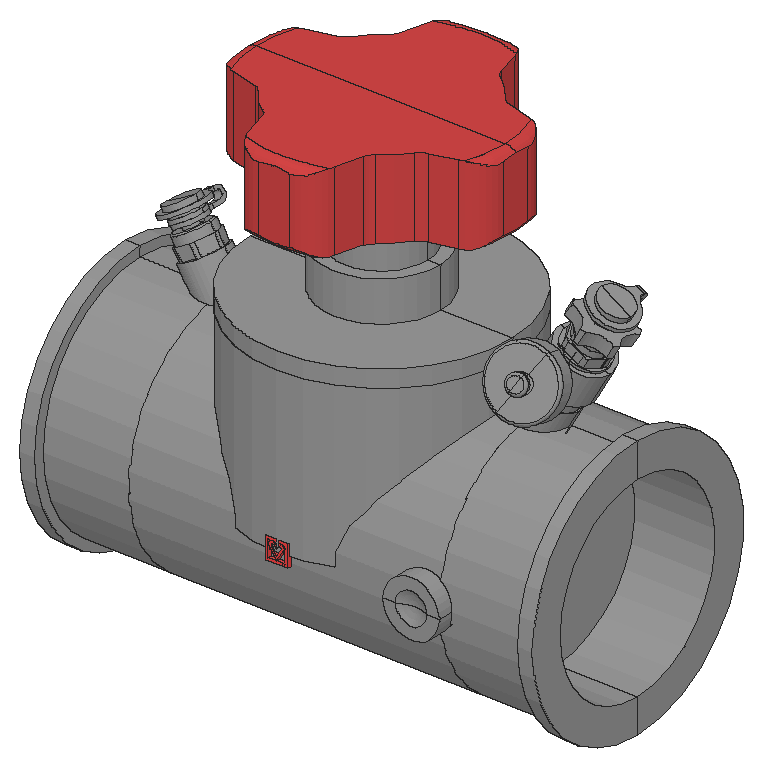
Revit family "Strangregulierventil für Differenzdruckmessung, Geradsitzform 4217 GML", category Rohrzubehör, Revit 2021
Family settings
  Bemaßung runder Anschluss = Durchmesser verwenden
  Teiletyp = Unterbricht
  OmniClass-Nummer = 23.65.55.14
  OmniClass-Titel = Valves for Liquid Services
  Arbeitsebenenbasiert = Nein
  Immer vertikal = Ja
  Beim Laden mit Abzugskörper schneiden = Nein
  Gemeinsam genutzt = Nein
Parameters
  kvs-Wert [instance] = if(Nennweite = 15.00 mm, 6.05, if(Nennweite = 20.00 mm, 6.11, if(Nennweite = 25.00 mm, 9.22, if(Nennweite = 32.00 mm, 18.83, if(Nennweite = 40.00 mm, 23.29, if(Nennweite = 50.00 mm, 35.26, if(Nennweite = 65.00 mm, 52.11, if(Nennweite = 80.00 mm, 76.1, 0))))))))  # 76.1
  W02 = 60.00°  # constant formula
  W01 = 30.00°  # constant formula
  Vorgabe-Ansicht = 0.00 mm
  URL = "www.herz-armaturen.at"
  SC_NennweiteBerechnet = 0
  SC_Dimension = ""
  SCRNSEQ = "ARM;ARM_TYP=\"STRV\";2"
  SCRNCODE = "05;07;02"  # constant formula
  S02 = 60.00 mm  # constant formula
  S01 [instance] = H00 + H01  # 119.31 mm
  R01 [instance] = size_lookup("4217_GML_", "R1", 1.00 mm, Nennweite)  # 53.00 mm
  Nennweite [instance] = 80.00 mm
  Medium = "Heizwasserqualität entsprechend ÖNORM H 5195 bzw. VDI-Richtlinie 2035.\r\nDie Verwendung von Ethylen- und Propylenglykol ist im Mischungsverhältnis 25 - 50 Vol. % zulässig."
  Max. Betriebstemperatur (bis DN32) = 130 °C  # constant formula
  Max. Betriebstemperatur (ab DN40) = 110 °C  # constant formula
  Max. Betriebsdruck = 1600000.0 Pa  # constant formula
  ML02 [instance] = size_lookup("4217_GML_", "ML2", 1.00 mm, Nennweite)  # 70.50 mm
  ML01 [instance] = size_lookup("4217_GML_", "ML1", 1.00 mm, Nennweite)  # 37.35 mm
  MD01 = 9.50 mm  # constant formula
  L02 [instance] = size_lookup("4217_GML_", "L2", 1.00 mm, Nennweite)  # 6.00 mm
  L01 [instance] = size_lookup("4217_GML_", "L1", 1.00 mm, Nennweite)  # 41.30 mm
  L00 [instance] = size_lookup("4217_GML_", "L", 1.00 mm, Nennweite)  # 210.00 mm
  IG [instance] = Nennweite / 2  # 40.00 mm
  Hersteller = "HERZ Armaturen Ges.m.b.H."  # constant formula
  H04 [instance] = size_lookup("4217_GML_", "H4", 1.00 mm, Nennweite)  # 19.00 mm
  H03 = 10.00 mm  # constant formula
  H02 [instance] = size_lookup("4217_GML_", "H2", 1.00 mm, Nennweite)  # 7.00 mm
  H01 [instance] = size_lookup("4217_GML_", "H1", 1.00 mm, Nennweite)  # 52.60 mm
  H00 [instance] = size_lookup("4217_GML_", "H", 1.00 mm, Nennweite)  # 66.71 mm
  Gewicht [instance] = if(Nennweite = 15.00 mm, "0.97 kg", if(Nennweite = 20.00 mm, "1.00 kg", if(Nennweite = 25.00 mm, "1.45 kg", if(Nennweite = 32.00 mm, "1.98 kg", if(Nennweite = 40.00 mm, "2.34 kg", if(Nennweite = 50.00 mm, "3.85 kg", if(Nennweite = 65.00 mm, "5.35 kg", if(Nennweite = 80.00 mm, "7.20 kg", "0 kg"))))))))  # "7.20 kg"
  Gehäuse = "DZR-Messing"  # constant formula
  GT [instance] = size_lookup("4217_GML_", "GT", 1.00 mm, Nennweite)  # 33.30 mm
  Einbaulage = "Bedingt durch die senkrecht zur Ventilachse angeordnete, nichtsteigende Ventilspindel ist für jede Einbaulage optimale Zugängigkeit und Bedienbarkeit des Ventils gewährleistet."
  Differenzdruckmessung = "STRÖMAX-GML Strangregulierventil ist mit zwei Messventilen ausgestattet.\r\nBei Verwendung eines geeigneten Messgerätes kann der Differenzdruck gemessen und dadurch die jeweilige Durchflussmenge in Abhängigkeit der Einstellstufe ermittelt werden.\r\nAm HERZ-Messcomputer (1 8900 05) ist außerdem direkt die jeweilige Durchflussmenge ablesbar."
  DN80 [instance] = Nennweite = 80.00 mm  # yes
  DN65 [instance] = Nennweite = 65.00 mm  # no
  DN50_DN80 [instance] = or(Nennweite = 50.00 mm, Nennweite = 65.00 mm, Nennweite = 80.00 mm)  # yes
  DN50-DN80 [instance] = H00 + H01  # 119.31 mm
  DN50 [instance] = Nennweite = 50.00 mm  # no
  DN40 [instance] = Nennweite = 40.00 mm  # no
  DN32 [instance] = Nennweite = 32.00 mm  # no
  DN25 [instance] = Nennweite = 25.00 mm  # no
  DN20 [instance] = Nennweite = 20.00 mm  # no
  DN15_DN40 [instance] = or(Nennweite = 15.00 mm, Nennweite = 20.00 mm, Nennweite = 25.00 mm, Nennweite = 32.00 mm, Nennweite = 40.00 mm)  # no
  DN15-DN40 [instance] = H00 + H01  # 119.31 mm
  DN15 [instance] = Nennweite = 15.00 mm  # no
  D06 [instance] = size_lookup("4217_GML_", "D6", 1.00 mm, Nennweite)  # 24.30 mm
  D05 [instance] = size_lookup("4217_GML_", "D5", 1.00 mm, Nennweite)  # 19.00 mm
  D04 = 9.00 mm  # constant formula
  D03 [instance] = size_lookup("4217_GML_", "D3", 1.00 mm, Nennweite)  # 53.80 mm
  D02 [instance] = size_lookup("4217_GML_", "D2", 1.00 mm, Nennweite)  # 54.00 mm
  D01 [instance] = size_lookup("4217_GML_", "D1", 1.00 mm, Nennweite)  # 50.00 mm
  Bestellnummer [instance] = size_lookup("4217_GML_", "Artnr", 0, Nennweite)  # 1421718
  Ausführung = "STRÖMAX-GML Strangregulierventil mit Messventilen und Impulsleitungsanschluß 1/2″ – 3″\r\nGeradesitzform, gelbe Ausführung, Muffe x Muffe, nichtsteigende Spindel, Spindelabdichtung durch Doppel-O-Ring, Voreinstellung durch Hubbegrenzung mittels Innenspindel, digitale Anzeige der Voreinstellstufe im Handradfenster.\r\nEin Standardmeßventil und ein Messventil mit integriertem Impulsleitungsanschluß befinden sich neben dem Handrad."
  Anwendungen = "Zum hydraulischen Abgleich in Heiz- oder Kühlanlagen, Einregulieren von Verteilleitungen, Strängen, Wärmetauschern, Heiz- und Kühlregistern."
Reference planes
  plane 1 "Mitte (Vorne/hinten)": y = 0
  plane 2: z = 0
  plane 3 "Mitte (Links/rechts)": x = 0
Forms (mm)
  Revolve 1, solid, material "Messing, weicher Gelbton, geschweißt", detail levels fine
    sketch origin (0, 0, 0) x (1, 0, 0) y (0, 0, 1)
      loop
        line (-105, 54) -> (-105, 40) -> (-71.7, 40) -> (-71.7, 0) -> (71.7, 0) -> (71.7, 40) -> (105, 40) -> (105, 54) -> (99, 54) -> (99, 50) -> (63.7, 50)
        arc (63.7, 50) -> (0, 53) -> (-63.7, 50) r 677.782
        line (-63.7, 50) -> (-99, 50) -> (-99, 54) -> (-105, 54)
      axis (-105, 0) -> (105, 0)
    angle from 0 to 360
  Revolve 2, solid, material "Messing, weicher Gelbton, geschweißt", detail levels fine
    sketch origin (0, 0, 0) x (1, 0, 0) y (0, 0, 1)
      loop
        line (37.35, 0) -> (72.6, 61.055) -> (64.373, 65.805) -> (29.123, 4.75) -> (37.35, 0)
      axis (37.35, 0) -> (72.6, 61.055)
    angle from 0 to 360
  Revolve 3, solid, material "Messing, weicher Gelbton, geschweißt", detail levels fine
    sketch origin (0, 0, 0) x (1, 0, 0) y (0, 0, 1)
      loop
        line (0, 0) -> (0, 66.71) -> (-53.8, 66.71) -> (-53.8, 0) -> (0, 0)
      axis (0, 66.71) -> (0, 0)
    angle from 0 to 360
  Revolve 4, solid, material "Messing, weicher Gelbton, geschweißt", detail levels fine
    sketch origin (0, 0, 0) x (-1, 0, 0) y (0, 0, 1)
      loop
        line (37.35, 0) -> (72.6, 61.055) -> (64.373, 65.805) -> (29.123, 4.75) -> (37.35, 0)
      axis (37.35, 0) -> (72.6, 61.055)
    angle from 0 to 360
  Revolve 5, solid, material "Messing, weicher Gelbton, geschweißt", visible <- "DN65", detail levels fine
    sketch origin (0, 0, 0) x (1, 0, 0) y (0, 1, 0)
      loop
        line (60, 47.945) -> (60, -47.945)
        arc (60, -47.945) -> (63.368, -48.598) -> (66.5, -50) r 15
        line (66.5, -50) -> (71.5, -50) -> (71.5, 50) -> (66.5, 50)
        arc (66.5, 50) -> (63.368, 48.598) -> (60, 47.945) r 15
      axis (60, 50) -> (60, -50)
    angle from 0 to 360
  Revolve 6, solid, material "Messing, weicher Gelbton, geschweißt", detail levels fine
    sketch origin (0, 0, 0) x (1, 0, 0) y (0, 0, 1)
      loop
        line (0, 66.71) -> (0, 119.31) -> (-9, 119.31) -> (-9, 109.31) -> (-19, 109.31) -> (-19, 90.31) -> (-24.3, 90.31) -> (-24.3, 73.71) -> (-53.8, 73.71) -> (-53.8, 66.71) -> (0, 66.71)
      axis (0, 119.31) -> (0, 66.71)
    angle from 0 to 360
  Revolve 7, solid, material "Messing, weicher Gelbton, geschweißt", visible <- "DN80", detail levels fine
    sketch origin (0, 0, 0) x (1, 0, 0) y (0, 1, 0)
      loop
        line (57, 53.945) -> (57, -53.945)
        arc (57, -53.945) -> (60.368, -54.598) -> (63.5, -56) r 15
        line (63.5, -56) -> (68.5, -56) -> (68.5, 56) -> (63.5, 56)
        arc (63.5, 56) -> (60.368, 54.598) -> (57, 53.945) r 15
      axis (57, 56) -> (57, -56)
    angle from 0 to 360
Lines and regions (mm)
  model lines, detail levels coarse+medium
    curve 1: line (-105, 0, 54) -> (-105, 0, -54)
    curve 2: line (-105, 0, -54) -> (105, 0, 54)
    curve 3: line (105, 0, 54) -> (105, 0, -54)
    curve 4: line (105, 0, -54) -> (-105, 0, 54)
    curve 5: line (0, 0, 0) -> (68.884, 0, 119.31)
    curve 6: line (42.903, 0, 134.31) -> (94.864, 0, 104.31)
    curve 7: line (-105, 54, 0) -> (-105, -54, 0)
    curve 8: line (-105, -54, 0) -> (105, 54, 0)
    curve 9: line (105, 54, 0) -> (105, -54, 0)
    curve 10: line (105, -54, 0) -> (-105, 54, 0)
    curve 11: line (0, 0, 0) -> (68.884, 119.31, 0)
    curve 12: line (42.903, 134.31, 0) -> (94.864, 104.31, 0)
Dimensions and locks
  "IG": Revolve 1 sketch curve to plane 2
  "GT": Revolve 1 sketch curve to Revolve 1 sketch curve  (x2)
  "IG": Revolve 1 sketch curve to Revolve 1 sketch curve
  "D01": Revolve 1 sketch curve to Revolve 1 sketch curve  (x2)
  "R01": Revolve 1 sketch curve to Revolve 1 sketch curve
  "L02": Revolve 1 sketch curve to Revolve 1 sketch curve  (x2)
  "L01": Revolve 1 sketch curve to Revolve 1 sketch curve  (x2)
  "D02": Revolve 1 sketch curve to plane 2  (x2)
  equal spacing: Revolve 1 sketch curve, plane 3 "Mitte (Links/rechts)", Revolve 1 sketch curve
  "L00": Revolve 1 sketch curve to Revolve 1 sketch curve
  "R01": nested 1 to plane 1 "Mitte (Vorne/hinten)"
  "ML01": Revolve 2 sketch curve to plane 3 "Mitte (Links/rechts)"
  "H00": Revolve 3 sketch curve to plane 2
  "D03": Revolve 3 sketch curve to Revolve 3 sketch curve
  "ML02": Revolve 2 sketch curve to Revolve 2 sketch curve
  "MD01": Revolve 2 sketch curve to Revolve 2 sketch curve  (x2)
  "ML02": Revolve 4 sketch curve to Revolve 4 sketch curve
  "MD01": Revolve 4 sketch curve to Revolve 4 sketch curve  (x2)
  "ML01": plane 3 "Mitte (Links/rechts)" to Revolve 4 sketch curve
  Revolve 5 sketch curve to Revolve 1 = 45.00 mm
  Revolve 5 sketch curve to Revolve 5 sketch curve = 11.50 mm  (x2)
  Revolve 5 sketch curve to plane 1 "Mitte (Vorne/hinten)" to Revolve 5 sketch curve = 50.00 mm, 50.00 mm
  "H00": Revolve 6 sketch curve to plane 2
  "H01": Revolve 6 sketch curve to Revolve 6 sketch curve
  "D04": Revolve 6 sketch curve to Revolve 6 sketch curve
  "D03": Revolve 6 sketch curve to Revolve 6 sketch curve
  "D05": Revolve 6 sketch curve to Revolve 6 sketch curve
  "D06": Revolve 6 sketch curve to Revolve 6 sketch curve
  "H02": Revolve 6 sketch curve to Revolve 6 sketch curve
  "H03": Revolve 6 sketch curve to Revolve 6 sketch curve
  "H04": Revolve 6 sketch curve to Revolve 6 sketch curve
  Revolve 7 sketch curve to Revolve 1 = 48.00 mm
  Revolve 7 sketch curve to Revolve 7 sketch curve = 11.50 mm  (x2)
  Revolve 7 sketch curve to plane 1 "Mitte (Vorne/hinten)" to Revolve 7 sketch curve = 56.00 mm, 56.00 mm
  "DN15-DN40": nested 2 to plane 2
  "DN50-DN80": nested 3 to plane 2
  "D02": curve 4 to plane 2 to curve 2
  "D02": curve 3 to plane 2 to curve 4
  equal spacing: curve 1, plane 3 "Mitte (Links/rechts)", curve 3
  "L00": curve 1 to curve 3
  equal spacing: Revolve 1, curve 5, Revolve 1
  "S01": curve 5 to plane 2
  equal spacing: curve 6, curve 5, curve 6
  "S02": curve 6 to curve 6
  "D02": curve 8 to plane 1 "Mitte (Vorne/hinten)" to curve 10
  "D02": curve 10 to plane 1 "Mitte (Vorne/hinten)" to curve 9
  equal spacing: curve 7, plane 3 "Mitte (Links/rechts)", curve 9
  "L00": curve 7 to curve 9
  equal spacing: curve 7, curve 11, curve 9
  "S01": plane 1 "Mitte (Vorne/hinten)" to curve 11
  equal spacing: curve 12, curve 11, curve 12
  "S02": curve 12 to curve 12
  radius of Revolve 5 sketch curve = 15.00 mm  (x2)
  radius of Revolve 7 sketch curve = 15.00 mm  (x2)
  "W01": angle Revolve 2 sketch curve to plane 3 "Mitte (Links/rechts)"  (x2)
  "W01": angle plane 3 "Mitte (Links/rechts)" to Revolve 4 sketch curve  (x2)
  "W02": angle plane 2 to curve 5
  "W02": angle plane 1 "Mitte (Vorne/hinten)" to curve 11
  aligned and locked: level to plane 2
Automatic sketch dimensions
  Revolve 5 sketch curve to Revolve 5 sketch curve = 1.153 mm  (x2)
  Revolve 5 sketch curve to Revolve 5 sketch curve = 5.00 mm  (x2)
  Revolve 5 sketch curve to Revolve 5 sketch curve = 2.854 mm  (x2)
  Revolve 7 sketch curve to Revolve 7 sketch curve = 1.153 mm  (x2)
  Revolve 7 sketch curve to Revolve 7 sketch curve = 5.00 mm  (x2)
  Revolve 7 sketch curve to Revolve 7 sketch curve = 8.854 mm  (x2)
  Revolve 1 sketch curve to level = 0.00 mm  (x2)
  Revolve 1 sketch curve to Revolve 1 sketch curve = 1429.986 mm
  Revolve 1 sketch curve to Revolve 1 sketch curve = 1762.604 mm
  Revolve 2 sketch curve to level = 0.00 mm  (x2)
  Revolve 3 sketch curve to level = 0.00 mm
  Revolve 3 sketch curve to plane 3 "Mitte (Links/rechts)" = 0.00 mm  (x2)
  Revolve 3 sketch curve to Revolve 3 sketch curve = 366.045 mm
  Revolve 3 sketch curve to Revolve 3 sketch curve = 2179.415 mm
  Revolve 4 sketch curve to level = 0.00 mm  (x2)
  Revolve 6 sketch curve to plane 3 "Mitte (Links/rechts)" = 0.00 mm  (x2)
  Revolve 6 sketch curve to level = 366.045 mm
  Revolve 6 sketch curve to Revolve 6 sketch curve = 2146.115 mm
Nested families
  nested 1: "Herz-Logo-vorne" at (0, -53, 0) x (0, 1, 0) z (0, 0, 1), type "Herz-Logo-vorne", detail levels fine
  nested 2: "Strangregulierventil-Handrad-Gerade (Rot) DN15-DN40" at (0, 0, 119.31), visible <- "DN15_DN40", type "Strangregulierventil-Handrad-Gerade (Rot) DN15-DN40", detail levels fine
    with Nennweite 0.00 mm, Gewicht 0.00 kg, Bestellnummer 0
  nested 3: "Strangregulierventil-Handrad-Gerade (Rot) DN50-DN80" at (0, 0, 119.31), visible <- "DN50_DN80", type "Strangregulierventil-Handrad-Gerade (Rot) DN50-DN80", detail levels fine
    with Nennweite 0.00 mm, Gewicht 0.00 kg, Bestellnummer 0
  nested 4: "Messstutzen_Band-KFE_Austritt_30Grad_(oben)" at (61.39, 0, 59.409), visible <- "DN50", type "Messstutzen_Band-KFE_Austritt_30Grad_(oben)", detail levels fine
    with Schutzkappe yes, Nennweite 0.00 mm, Gewicht 0.00 kg, Bestellnummer 0
  nested 5: "Messstutzen_Band_Eintritt_30Grad_(oben)" at (-47.24, 0, 34.901) x (-1, 0, 0) z (0, 0, 1), visible <- "DN50", type "Messstutzen_Band_Eintritt_30Grad_(oben)", detail levels fine
    with Schutzkappe yes, Nennweite 0.00 mm, Gewicht 0.00 kg, Bestellnummer 0
  nested 6: "Messstutzen_Band-KFE_Austritt_30Grad_(oben)" at (41.17, 0, 35.507), visible <- "DN15", type "Messstutzen_Band-KFE_Austritt_30Grad_(oben)", detail levels fine
    with Schutzkappe yes, Nennweite 0.00 mm, Gewicht 0.00 kg, Bestellnummer 0
  nested 7: "Messstutzen_Band_Eintritt_30Grad_(oben)" at (-27.02, 0, 10.999) x (-1, 0, 0) z (0, 0, 1), visible <- "DN15", type "Messstutzen_Band_Eintritt_30Grad_(oben)", detail levels fine
    with Schutzkappe yes, Nennweite 0.00 mm, Gewicht 0.00 kg, Bestellnummer 0
  nested 8: "Messstutzen_Band_Eintritt_30Grad_(oben)" at (-24.855, 0, 13.553) x (-1, 0, 0) z (0, 0, 1), visible <- "DN20", type "Messstutzen_Band_Eintritt_30Grad_(oben)", detail levels fine
    with Schutzkappe yes, Nennweite 0.00 mm, Gewicht 0.00 kg, Bestellnummer 0
  nested 9: "Messstutzen_Band-KFE_Austritt_30Grad_(oben)" at (39.005, 0, 38.062), visible <- "DN20", type "Messstutzen_Band-KFE_Austritt_30Grad_(oben)", detail levels fine
    with Schutzkappe yes, Nennweite 0.00 mm, Gewicht 0.00 kg, Bestellnummer 0
  nested 10: "Messstutzen_Band_Eintritt_30Grad_(oben)" at (-29.265, 0, 17.883) x (-1, 0, 0) z (0, 0, 1), visible <- "DN25", type "Messstutzen_Band_Eintritt_30Grad_(oben)", detail levels fine
    with Schutzkappe yes, Nennweite 0.00 mm, Gewicht 0.00 kg, Bestellnummer 0
  nested 11: "Messstutzen_Band-KFE_Austritt_30Grad_(oben)" at (43.415, 0, 42.392), visible <- "DN25", type "Messstutzen_Band-KFE_Austritt_30Grad_(oben)", detail levels fine
    with Schutzkappe yes, Nennweite 0.00 mm, Gewicht 0.00 kg, Bestellnummer 0
  nested 12: "Messstutzen_Band_Eintritt_30Grad_(oben)" at (-37.74, 0, 24.595) x (-1, 0, 0) z (0, 0, 1), visible <- "DN32", type "Messstutzen_Band_Eintritt_30Grad_(oben)", detail levels fine
    with Schutzkappe yes, Nennweite 0.00 mm, Gewicht 0.00 kg, Bestellnummer 0
  nested 13: "Messstutzen_Band-KFE_Austritt_30Grad_(oben)" at (51.89, 0, 49.104), visible <- "DN32", type "Messstutzen_Band-KFE_Austritt_30Grad_(oben)", detail levels fine
    with Schutzkappe yes, Nennweite 0.00 mm, Gewicht 0.00 kg, Bestellnummer 0
  nested 14: "Messstutzen_Band_Eintritt_30Grad_(oben)" at (-42.8, 0, 28.665) x (-1, 0, 0) z (0, 0, 1), visible <- "DN40", type "Messstutzen_Band_Eintritt_30Grad_(oben)", detail levels fine
    with Schutzkappe yes, Nennweite 0.00 mm, Gewicht 0.00 kg, Bestellnummer 0
  nested 15: "Messstutzen_Band-KFE_Austritt_30Grad_(oben)" at (56.95, 0, 53.174), visible <- "DN40", type "Messstutzen_Band-KFE_Austritt_30Grad_(oben)", detail levels fine
    with Schutzkappe yes, Nennweite 0.00 mm, Gewicht 0.00 kg, Bestellnummer 0
  nested 16: "Messstutzen_Band_Eintritt_30Grad_(oben)" at (-54.5, 0, 38.105) x (-1, 0, 0) z (0, 0, 1), visible <- "DN65", type "Messstutzen_Band_Eintritt_30Grad_(oben)", detail levels fine
    with Schutzkappe yes, Nennweite 0.00 mm, Gewicht 0.00 kg, Bestellnummer 0
  nested 17: "Messstutzen_Band-KFE_Austritt_30Grad_(oben)" at (68.65, 0, 62.614), visible <- "DN65", type "Messstutzen_Band-KFE_Austritt_30Grad_(oben)", detail levels fine
    with Schutzkappe yes, Nennweite 0.00 mm, Gewicht 0.00 kg, Bestellnummer 0
  nested 18: "Messstutzen_Band_Eintritt_30Grad_(oben)" at (-63.85, 0, 45.899) x (-1, 0, 0) z (0, 0, 1), visible <- "DN80", type "Messstutzen_Band_Eintritt_30Grad_(oben)", detail levels fine
    with Schutzkappe yes, Nennweite 0.00 mm, Gewicht 0.00 kg, Bestellnummer 0
  nested 19: "Messstutzen_Band-KFE_Austritt_30Grad_(oben)" at (78, 0, 70.408), visible <- "DN80", type "Messstutzen_Band-KFE_Austritt_30Grad_(oben)", detail levels fine
    with Schutzkappe yes, Nennweite 0.00 mm, Gewicht 0.00 kg, Bestellnummer 0
Connectors
  piping at (-71.7, 0, 0), diameter 80, driven by "Nennweite"
    settings: on Revolve 1, index 1, connector inside diameter 609.6 mm, connector length 0.00 mm, flow factor 0, pipe flow 0.0 L/s, pressure drop 0.0 Pa, fitting loss kfactor 0, connector angle 0.00°, fixture units 0, engagement length 0.00 mm, angle of deflection 0.00°, flow configuration 0, flow direction 1, fitting loss method 0, system type 29, joint type 0, gender type 0, connector reference index -1, connector utility 0, adjustable connector no, is connector primary yes, connector description ""
  piping at (71.7, 0, 0), diameter 80, driven by "Nennweite"
    settings: on Revolve 1, index 2, connector inside diameter 609.6 mm, connector length 0.00 mm, flow factor 0, pipe flow 0.0 L/s, pressure drop 0.0 Pa, fitting loss kfactor 0, connector angle 0.00°, fixture units 0, engagement length 0.00 mm, angle of deflection 0.00°, flow configuration 0, flow direction 2, fitting loss method 0, system type 29, joint type 0, gender type 0, connector reference index -1, connector utility 0, adjustable connector no, is connector primary no, connector description ""
Definition of nested family "Herz-Logo-vorne"
  Parameters (values of type "Herz-Logo-vorne")
    Default Elevation = 0.00 mm
  Reference planes
    plane 1 "Mitte (Vorne/hinten)": y = 0
    plane 2: z = 0
    plane 3 "Mitte (Links/rechts)": x = 0
  Forms (mm)
    Extrusion 1, solid
      sketch origin (0.732, -0.018, 0.017) x (0, -1, 0) y (0, 0, 1)
        loop
          line (-0.018, -4.517) -> (4.482, -4.517) -> (4.482, 4.483) -> (-4.518, 4.483) -> (-4.518, -4.517) -> (-0.018, -4.517)
        loop
          line (-0.05, -3.48) -> (3.482, -3.48) -> (3.482, 3.483) -> (-3.518, 3.483) -> (-3.518, -3.48) -> (-0.05, -3.48)
        loop
          arc (-0.018, 2.383) -> (-1.543, 3.287) -> (-3.067, 2.383) r 1.738
          arc (-3.067, 2.383) -> (-3.191, 1.899) -> (-3.067, 1.415) r 1.009
          line (-3.067, 1.415) -> (-0.018, -3.281) -> (3.032, 1.415)
          arc (3.032, 1.415) -> (3.156, 1.899) -> (3.032, 2.383) r 1.009
          arc (3.032, 2.383) -> (1.507, 3.287) -> (-0.018, 2.383) r 1.738
        loop
          arc (1.885, 1.272) -> (2.005, 1.675) -> (1.885, 2.079) r 0.74
          arc (1.885, 2.079) -> (1.265, 2.416) -> (0.644, 2.079) r 0.74
          line (0.644, 2.079) -> (-0.018, 0.97) -> (-0.679, 2.079)
          arc (-0.679, 2.079) -> (-1.3, 2.416) -> (-1.921, 2.079) r 0.74
          arc (-1.921, 2.079) -> (-2.04, 1.675) -> (-1.921, 1.272) r 0.74
          line (-1.921, 1.272) -> (-0.018, -1.658) -> (1.885, 1.272)
      from 0 to 1.5
  Dimensions and locks
    aligned and locked: level to plane 2
Definition of nested family "Strangregulierventil-Handrad-Gerade (Rot) DN15-DN40"
  Parameters (values of type "Strangregulierventil-Handrad-Gerade (Rot) DN15-DN40")
    Default Elevation = 0.00 mm
    URL = "www.herz-armaturen.at"
    Nennweite [instance] = 0.00 mm
    Manufacturer = "Herz Armaturen GmbH"  # constant formula
    Gewicht [instance] = 0.00 kg
    Bestellnummer [instance] = 0
  Reference planes
    plane 1 "Mitte (Vorne/hinten)": y = 0
    plane 2: z = 0
    plane 3 "Mitte (Links/rechts)": x = 0
  Forms (mm)
    Revolve 1, solid, detail levels fine
      sketch origin (0, 0, 0) x (1, 0, 0) y (0, 0, 1)
        loop
          line (0, 0) -> (0, 24.95) -> (-30.992, 24.95)
          arc (-30.992, 24.95) -> (-34.37, 23.636) -> (-35.973, 20.386) r 5
          line (-35.973, 20.386) -> (-37, 8.65) -> (-35.986, -2.936)
          arc (-35.986, -2.936) -> (-34.383, -6.186) -> (-31.005, -7.5) r 5
          line (-31.005, -7.5) -> (-15, -7.5) -> (-15, 0) -> (0, 0)
        axis (0, 24.95) -> (0, -7.5)
      angle from 0 to 360
    Extrusion 2, void
      sketch origin (0, 0, 20.3) x (1, 0, 0) y (0, 1, 0)
        loop
          line (3.861, 35.5) -> (-3.861, 35.5)
          arc (-3.861, 35.5) -> (-8.731, 33.847) -> (-11.589, 29.571) r 8
          line (-11.589, 29.571) -> (-13.284, 23.245)
          arc (-13.284, 23.245) -> (-13.982, 21.722) -> (-15.144, 20.516) r 5
          arc (-15.144, 20.516) -> (-18.031, 18.031) -> (-20.516, 15.144) r 25.5
          arc (-20.516, 15.144) -> (-21.722, 13.982) -> (-23.245, 13.284) r 5
          line (-23.245, 13.284) -> (-29.571, 11.589)
          arc (-29.571, 11.589) -> (-33.847, 8.731) -> (-35.5, 3.861) r 8
          line (-35.5, 3.861) -> (-35.5, -3.861)
          arc (-35.5, -3.861) -> (-33.847, -8.731) -> (-29.571, -11.589) r 8
          line (-29.571, -11.589) -> (-23.245, -13.284)
          arc (-23.245, -13.284) -> (-21.722, -13.982) -> (-20.516, -15.144) r 5
          arc (-20.516, -15.144) -> (-18.031, -18.031) -> (-15.144, -20.516) r 25.5
          arc (-15.144, -20.516) -> (-13.982, -21.722) -> (-13.284, -23.245) r 5
          line (-13.284, -23.245) -> (-11.589, -29.571)
          arc (-11.589, -29.571) -> (-8.731, -33.847) -> (-3.861, -35.5) r 8
          line (-3.861, -35.5) -> (3.861, -35.5)
          arc (3.861, -35.5) -> (8.731, -33.847) -> (11.589, -29.571) r 8
          line (11.589, -29.571) -> (13.284, -23.245)
          arc (13.284, -23.245) -> (13.982, -21.722) -> (15.144, -20.516) r 5
          arc (15.144, -20.516) -> (18.031, -18.031) -> (20.516, -15.144) r 25.5
          arc (20.516, -15.144) -> (21.722, -13.982) -> (23.245, -13.284) r 5
          line (23.245, -13.284) -> (29.571, -11.589)
          arc (29.571, -11.589) -> (33.847, -8.731) -> (35.5, -3.861) r 8
          line (35.5, -3.861) -> (35.5, 3.861)
          arc (35.5, 3.861) -> (33.847, 8.731) -> (29.571, 11.589) r 8
          line (29.571, 11.589) -> (23.245, 13.284)
          arc (23.245, 13.284) -> (21.722, 13.982) -> (20.516, 15.144) r 5
          arc (20.516, 15.144) -> (18.031, 18.031) -> (15.144, 20.516) r 25.5
          arc (15.144, 20.516) -> (13.982, 21.722) -> (13.284, 23.245) r 5
          line (13.284, 23.245) -> (11.589, 29.571)
          arc (11.589, 29.571) -> (8.731, 33.847) -> (3.861, 35.5) r 8
        loop
          circle (0, 0) r 38
      from -31.266 to 7.923
  Cuts and joins
    Extrusion 2 cuts Revolve 1
  Dimensions and locks
    Revolve 1 sketch curve to Revolve 1 sketch curve = 15.00 mm
    Revolve 1 sketch curve to Revolve 1 sketch curve = 16.15 mm
    Revolve 1 sketch curve to Revolve 1 sketch curve = 16.30 mm
    angle Revolve 1 sketch curve to Revolve 1 sketch curve = 95.00°
    aligned and locked: level to plane 2
Definition of nested family "Strangregulierventil-Handrad-Gerade (Rot) DN50-DN80"
  Parameters (values of type "Strangregulierventil-Handrad-Gerade (Rot) DN50-DN80")
    Default Elevation = 0.00 mm
    URL = "www.herz-armaturen.at"
    Nennweite [instance] = 0.00 mm
    Manufacturer = "Herz Armaturen GmbH"  # constant formula
    Gewicht [instance] = 0.00 kg
    Bestellnummer [instance] = 0
  Reference planes
    plane 1 "Mitte (Vorne/hinten)": y = 0
    plane 2: z = 0
    plane 3 "Mitte (Links/rechts)": x = 0
  Forms (mm)
    Revolve 1, solid, detail levels fine
      sketch origin (0, 0, 0) x (1, 0, 0) y (0, 0, 1)
        loop
          line (0, 0) -> (0, 24.95) -> (-50.992, 24.95)
          arc (-50.992, 24.95) -> (-54.37, 23.636) -> (-55.973, 20.386) r 5
          line (-55.973, 20.386) -> (-57, 8.65) -> (-55.986, -2.936)
          arc (-55.986, -2.936) -> (-54.383, -6.186) -> (-51.005, -7.5) r 5
          line (-51.005, -7.5) -> (-15, -7.5) -> (-15, 0) -> (0, 0)
        axis (0, 24.95) -> (0, -7.5)
      angle from 0 to 360
    Extrusion 2, void
      sketch origin (0, 0, 20.3) x (1, 0, 0) y (0, 1, 0)
        loop
          line (-55, 6.292) -> (-55, -6.292)
          arc (-55, -6.292) -> (-52.52, -13.597) -> (-46.106, -17.883) r 12
          line (-46.106, -17.883) -> (-35.399, -20.752)
          arc (-35.399, -20.752) -> (-33.541, -21.612) -> (-32.08, -23.047) r 6
          arc (-32.08, -23.047) -> (-27.931, -27.931) -> (-23.047, -32.08) r 39.5
          arc (-23.047, -32.08) -> (-21.612, -33.541) -> (-20.752, -35.399) r 6
          line (-20.752, -35.399) -> (-17.883, -46.106)
          arc (-17.883, -46.106) -> (-13.597, -52.52) -> (-6.292, -55) r 12
          line (-6.292, -55) -> (6.292, -55)
          arc (6.292, -55) -> (13.597, -52.52) -> (17.883, -46.106) r 12
          line (17.883, -46.106) -> (20.752, -35.399)
          arc (20.752, -35.399) -> (21.612, -33.541) -> (23.047, -32.08) r 6
          arc (23.047, -32.08) -> (27.931, -27.931) -> (32.08, -23.047) r 39.5
          arc (32.08, -23.047) -> (33.541, -21.612) -> (35.399, -20.752) r 6
          line (35.399, -20.752) -> (46.106, -17.883)
          arc (46.106, -17.883) -> (52.52, -13.597) -> (55, -6.292) r 12
          line (55, -6.292) -> (55, 6.292)
          arc (55, 6.292) -> (52.52, 13.597) -> (46.106, 17.883) r 12
          line (46.106, 17.883) -> (35.399, 20.752)
          arc (35.399, 20.752) -> (33.541, 21.612) -> (32.08, 23.047) r 6
          arc (32.08, 23.047) -> (27.931, 27.931) -> (23.047, 32.08) r 39.5
          arc (23.047, 32.08) -> (21.612, 33.541) -> (20.752, 35.399) r 6
          line (20.752, 35.399) -> (17.883, 46.106)
          arc (17.883, 46.106) -> (13.597, 52.52) -> (6.292, 55) r 12
          line (6.292, 55) -> (-6.292, 55)
          arc (-6.292, 55) -> (-13.597, 52.52) -> (-17.883, 46.106) r 12
          line (-17.883, 46.106) -> (-20.752, 35.399)
          arc (-20.752, 35.399) -> (-21.612, 33.541) -> (-23.047, 32.08) r 6
          arc (-23.047, 32.08) -> (-27.931, 27.931) -> (-32.08, 23.047) r 39.5
          arc (-32.08, 23.047) -> (-33.541, 21.612) -> (-35.399, 20.752) r 6
          line (-35.399, 20.752) -> (-46.106, 17.883)
          arc (-46.106, 17.883) -> (-52.52, 13.597) -> (-55, 6.292) r 12
        loop
          circle (0, 0) r 60
      from -31.161 to 7.489
  Cuts and joins
    Extrusion 2 cuts Revolve 1
  Dimensions and locks
    Revolve 1 sketch curve to Revolve 1 sketch curve = 15.00 mm
    Revolve 1 sketch curve to Revolve 1 sketch curve = 16.15 mm
    Revolve 1 sketch curve to Revolve 1 sketch curve = 16.30 mm
    Revolve 1 sketch curve to Revolve 1 sketch curve = 57.00 mm
    angle Revolve 1 sketch curve to Revolve 1 sketch curve = 95.00°
    aligned and locked: level to plane 2
Definition of nested family "Messstutzen_Band-KFE_Austritt_30Grad_(oben)"
  Parameters (values of type "Messstutzen_Band-KFE_Austritt_30Grad_(oben)")
    Default Elevation = 0.00 mm
    URL = "www.herz-armaturen.at"
    Schutzkappe [instance] = yes
    Nennweite [instance] = 0.00 mm
    Manufacturer = "Herz Armaturen GmbH"  # constant formula
    Gewicht [instance] = 0.00 kg
    Bestellnummer [instance] = 0
  Reference planes
    plane 1 "Mitte (Vorne/hinten)": y = 0
    plane 2: z = 0
    plane 3 "Mitte (Links/rechts)": x = 0
  Forms (mm)
    Revolve 1, solid, detail levels fine
      sketch origin (0, 0, 0) x (0.866025, 0, -0.5) y (0.5, 0, 0.866025)
        loop
          line (-7.4, 9) -> (-5.55, 9) -> (-5.55, 6)
          arc (-5.55, 6) -> (-5.626, 5.617) -> (-5.843, 5.293) r 1
          line (-5.843, 5.293) -> (-6.455, 4.681) -> (-6.455, 0.9) -> (-5.555, 0) -> (-2, 0) -> (-2, 23) -> (-2, 35.8) -> (-3.805, 35.8) -> (-4.415, 35.19) -> (-4.415, 30.863) -> (-3.7, 30.45) -> (-3.7, 27) -> (-7.4, 27) -> (-7.4, 9)
        axis (0, 0) -> (0, 35.8)
      angle from 0 to 360
    Extrusion 2, solid, detail levels fine
      sketch origin (8.75, 0, 15.155) x (0, 1, 0) y (-0.866025, 0, 0.5)
        loop
          arc (-7.07, 5.156) -> (-7.578, 4.375) -> (-8, 3.544) r 8.75
          line (-8, 3.544) -> (-8, -3.544)
          arc (-8, -3.544) -> (-7.578, -4.375) -> (-7.07, -5.156) r 8.75
          line (-7.07, -5.156) -> (-0.93, -8.7)
          arc (-0.93, -8.7) -> (0, -8.75) -> (0.93, -8.7) r 8.75
          line (0.93, -8.7) -> (7.07, -5.156)
          arc (7.07, -5.156) -> (7.578, -4.375) -> (8, -3.544) r 8.75
          line (8, -3.544) -> (8, 3.544)
          arc (8, 3.544) -> (7.578, 4.375) -> (7.07, 5.156) r 8.75
          line (7.07, 5.156) -> (0.93, 8.7)
          arc (0.93, 8.7) -> (0, 8.75) -> (-0.93, 8.7) r 8.75
          line (-0.93, 8.7) -> (-7.07, 5.156)
      from -5.51 to -1.21
    Revolve 3, solid, visible <- "Schutzkappe", detail levels fine
      sketch origin (0, 0, 0) x (0.866025, 0, -0.5) y (0.5, 0, 0.866025)
        loop
          line (0, 35.878) -> (0, 36.678) -> (-7, 36.678) -> (-7, 33.378) -> (-6.1, 33.378) -> (-6.1, 31.678) -> (-6.9, 31.678) -> (-6.9, 30.178) -> (-4.415, 30.178) -> (-4.415, 35.268) -> (-3.805, 35.878) -> (0, 35.878)
        axis (0, 30.178) -> (0, 36.678)
      angle from 0 to 360
    Extrusion 4, solid, detail levels fine
      sketch origin (15, 0, 25.981) x (0, 1, 0) y (0.866025, 0, -0.5)
        loop
          circle (0, 0) r 3.7
        loop
          arc (5.505, -3.906) -> (7.288, -2.358) -> (9.582, -1.8) r 5
          line (9.582, -1.8) -> (9.582, 1.8)
          arc (9.582, 1.8) -> (7.288, 2.358) -> (5.505, 3.906) r 5
          arc (5.505, 3.906) -> (-6.75, 0) -> (5.505, -3.906) r 6.75
      from 0 to -1.5
    Extrusion 5, solid, detail levels fine
      sketch origin (16.589, 0, 28.733) x (0, 1, 0) y (0.866025, 0, -0.5)
        loop
          circle (0, 0) r 6.1
        loop
          arc (8.652, -4.495) -> (10.493, -2.527) -> (13.089, -1.8) r 5
          line (13.089, -1.8) -> (13.089, 1.8)
          arc (13.089, 1.8) -> (10.493, 2.527) -> (8.652, 4.495) r 5
          arc (8.652, 4.495) -> (-9.75, 0) -> (8.652, -4.495) r 9.75
      from 0 to -1.5
    Sweep 6, solid, detail levels fine
      path origin (0, 0, 0) x (-0.5, 0, -0.866025) y (0, 1, 0)
        loop
          line (-29.25, 9.582) -> (-29.25, 14.522)
          arc (-29.25, 14.522) -> (-30.839, 16.112) -> (-32.428, 14.522) r 1.589
          line (-32.428, 14.522) -> (-32.428, 13.089)
      profile origin (14.625, 12.052, 25.331) x (0.5, 0, 0.866025) y (0.866025, 0, -0.5)
        loop
          line (-0.75, -1.8) -> (0.75, -1.8) -> (0.75, 1.8) -> (-0.75, 1.8) -> (-0.75, -1.8)
    Extrusion 7, solid, detail levels fine
      sketch origin (-87.639, 0, 50.598) x (0.866025, 0, -0.5) y (0, 1, 0)
        loop
          arc (112.053, 5.113) -> (111.589, 6) -> (111.053, 6.845) r 12
          arc (111.053, 6.845) -> (105.696, 7.794) -> (102.196, 11.958) r 7.971
          arc (102.196, 11.958) -> (101.196, 12) -> (100.196, 11.958) r 12
          arc (100.196, 11.958) -> (96.696, 7.794) -> (91.34, 6.845) r 7.971
          arc (91.34, 6.845) -> (90.804, 6) -> (90.34, 5.113) r 12
          arc (90.34, 5.113) -> (92.196, 0) -> (90.34, -5.113) r 7.971
          arc (90.34, -5.113) -> (90.804, -6) -> (91.34, -6.845) r 12
          arc (91.34, -6.845) -> (96.696, -7.794) -> (100.196, -11.958) r 7.971
          arc (100.196, -11.958) -> (101.196, -12) -> (102.196, -11.958) r 12
          arc (102.196, -11.958) -> (105.696, -7.794) -> (111.053, -6.845) r 7.971
          arc (111.053, -6.845) -> (111.589, -6) -> (112.053, -5.113) r 12
          arc (112.053, -5.113) -> (110.196, 0) -> (112.053, 5.113) r 7.971
      from 22.3 to 28.5
    Revolve 8, solid, detail levels fine
      sketch origin (-47.563, 0, 4.367) x (-0.866025, 0, 0.5) y (0.5, 0, 0.866025)
        loop
          line (-43.374, 0) -> (-37.874, 0) -> (-36.774, 1.1) -> (-36.774, 4.9) -> (-37.874, 6) -> (-37.874, 8.4) -> (-36.424, 8.4) -> (-36.424, 9.2) -> (-34.424, 9.2) -> (-34.424, 15.59) -> (-31.874, 15.59) -> (-31.874, 30.99) -> (-33.874, 30.99) -> (-33.874, 31.99) -> (-43.374, 31.99) -> (-43.374, 0)
        loop
          line (-43.374, 39) -> (-43.374, 36.29) -> (-35.874, 36.29) -> (-35.874, 39) -> (-43.374, 39)
        axis (-43.374, 39) -> (-43.374, 0)
      angle from 0 to 360
    Revolve 9, solid, detail levels fine
      sketch origin (0, 0, 0) x (0, -1, 0) y (0.5, 0, 0.866025)
        loop
          line (0, -1.01) -> (32.627, 14.204) -> (27.556, 25.08) -> (25.934, 25.67) -> (21.602, 23.65) -> (14.873, 11.994) -> (-2.324, 3.975) -> (0, -1.01)
        axis (32.627, 14.204) -> (0, -1.01)
      angle from 0 to 360
    Revolve 10, solid, detail levels fine
      sketch origin (-19.899, -51.188, -34.465) x (-0.453154, -0.422618, -0.784886) y (0.211309, -0.906308, 0.365998)
        loop
          line (-56.786, 8) -> (-45.747, 8) -> (-45.747, 0) -> (-43.834, 0) -> (-42.786, 1.048) -> (-42.786, 8.048)
          arc (-42.786, 8.048) -> (-43.065, 8.721) -> (-43.738, 9) r 0.952
          line (-43.738, 9) -> (-52.974, 9)
          arc (-52.974, 9) -> (-53.548, 9.238) -> (-53.786, 9.812) r 0.812
          line (-53.786, 9.812) -> (-53.786, 12) -> (-52.786, 12) -> (-52.786, 13.03)
          arc (-52.786, 13.03) -> (-53.07, 13.716) -> (-53.756, 14) r 0.97
          line (-53.756, 14) -> (-56.786, 14) -> (-56.786, 8)
        axis (-56.786, 14) -> (-56.786, 0)
      angle from 0 to 360
  Dimensions and locks
    aligned and locked: level to plane 2
Definition of nested family "Messstutzen_Band_Eintritt_30Grad_(oben)"
  Parameters (values of type "Messstutzen_Band_Eintritt_30Grad_(oben)")
    Default Elevation = 0.00 mm
    URL = "www.herz-armaturen.at"
    Schutzkappe [instance] = yes
    Nennweite [instance] = 0.00 mm
    Manufacturer = "Herz Armaturen GmbH"  # constant formula
    Gewicht [instance] = 0.00 kg
    Bestellnummer [instance] = 0
  Reference planes
    plane 1 "Mitte (Vorne/hinten)": y = 0
    plane 2: z = 0
    plane 3 "Mitte (Links/rechts)": x = 0
  Forms (mm)
    Revolve 1, solid, detail levels fine
      sketch origin (0, 0, 0) x (0.866025, 0, -0.5) y (0.5, 0, 0.866025)
        loop
          line (-7.4, 9) -> (-5.55, 9) -> (-5.55, 6)
          arc (-5.55, 6) -> (-5.626, 5.617) -> (-5.843, 5.293) r 1
          line (-5.843, 5.293) -> (-6.455, 4.681) -> (-6.455, 0.9) -> (-5.555, 0) -> (-2, 0) -> (-2, 17.5) -> (-8.4, 17.5)
          arc (-8.4, 17.5) -> (-7.693, 17.207) -> (-7.4, 16.5) r 1
          line (-7.4, 16.5) -> (-7.4, 9)
        loop
          line (-3.7, 27) -> (-7.3, 27) -> (-7.9, 26.4) -> (-7.9, 23) -> (-2, 23) -> (-2, 35.8) -> (-3.805, 35.8) -> (-4.415, 35.19) -> (-4.415, 30.863) -> (-3.7, 30.45) -> (-3.7, 27)
        axis (0, 0) -> (0, 35.8)
      angle from 0 to 360
    Extrusion 2, solid, detail levels fine
      sketch origin (8.75, 0, 15.155) x (0, 1, 0) y (-0.866025, 0, 0.5)
        loop
          arc (-7.07, 5.156) -> (-7.578, 4.375) -> (-8, 3.544) r 8.75
          line (-8, 3.544) -> (-8, -3.544)
          arc (-8, -3.544) -> (-7.578, -4.375) -> (-7.07, -5.156) r 8.75
          line (-7.07, -5.156) -> (-0.93, -8.7)
          arc (-0.93, -8.7) -> (0, -8.75) -> (0.93, -8.7) r 8.75
          line (0.93, -8.7) -> (7.07, -5.156)
          arc (7.07, -5.156) -> (7.578, -4.375) -> (8, -3.544) r 8.75
          line (8, -3.544) -> (8, 3.544)
          arc (8, 3.544) -> (7.578, 4.375) -> (7.07, 5.156) r 8.75
          line (7.07, 5.156) -> (0.93, 8.7)
          arc (0.93, 8.7) -> (0, 8.75) -> (-0.93, 8.7) r 8.75
          line (-0.93, 8.7) -> (-7.07, 5.156)
      from 0 to 5.5
    Revolve 3, solid, visible <- "Schutzkappe", detail levels fine
      sketch origin (0, 0, 0) x (0.866025, 0, -0.5) y (0.5, 0, 0.866025)
        loop
          line (0, 35.878) -> (0, 36.678) -> (-7, 36.678) -> (-7, 33.378) -> (-6.1, 33.378) -> (-6.1, 31.678) -> (-6.9, 31.678) -> (-6.9, 30.178) -> (-4.415, 30.178) -> (-4.415, 35.268) -> (-3.805, 35.878) -> (0, 35.878)
        axis (0, 30.178) -> (0, 36.678)
      angle from 0 to 360
    Extrusion 4, solid, detail levels fine
      sketch origin (14.25, 0, 24.682) x (0, 1, 0) y (0.866025, 0, -0.5)
        loop
          circle (0, 0) r 3.7
        loop
          arc (5.505, -3.906) -> (7.288, -2.358) -> (9.582, -1.8) r 5
          line (9.582, -1.8) -> (9.582, 1.8)
          arc (9.582, 1.8) -> (7.288, 2.358) -> (5.505, 3.906) r 5
          arc (5.505, 3.906) -> (-6.75, 0) -> (5.505, -3.906) r 6.75
      from 0 to -1.5
    Extrusion 5, solid, detail levels fine
      sketch origin (16.589, 0, 28.733) x (0, 1, 0) y (0.866025, 0, -0.5)
        loop
          circle (0, 0) r 6.1
        loop
          arc (8.652, -4.495) -> (10.493, -2.527) -> (13.089, -1.8) r 5
          line (13.089, -1.8) -> (13.089, 1.8)
          arc (13.089, 1.8) -> (10.493, 2.527) -> (8.652, 4.495) r 5
          arc (8.652, 4.495) -> (-9.75, 0) -> (8.652, -4.495) r 9.75
      from 0 to -1.5
    Sweep 6, solid, detail levels fine
      path origin (0.933, -0.183, 1.116) x (-0.5, 0, -0.866025) y (0, 1, 0)
        loop
          line (-27.75, 9.582) -> (-27.75, 14.522)
          arc (-27.75, 14.522) -> (-30.089, 16.862) -> (-32.428, 14.522) r 2.339
          line (-32.428, 14.522) -> (-32.428, 13.089)
      profile origin (14.808, 11.869, 25.148) x (0.5, 0, 0.866025) y (0.866025, 0, -0.5)
        loop
          line (-0.75, -1.8) -> (0.75, -1.8) -> (0.75, 1.8) -> (-0.75, 1.8) -> (-0.75, -1.8)
  Dimensions and locks
    aligned and locked: level to plane 2
